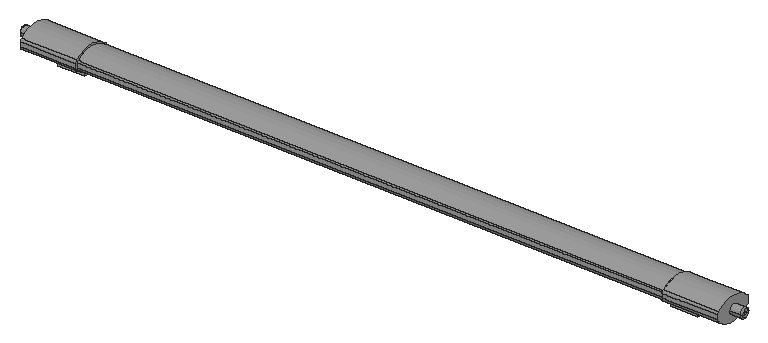
Revit family "0045156 Feilo Sylvania Lighting Fixture START BATTEN  IP65 48W 1500 3K", category Lighting Fixtures, host Face, Revit 2017
Family settings
  Host = Face
  Round Connector Dimension = Use Diameter
  Part Type = Normal
  OmniClass Number = 23.80.70.00
  OmniClass Title = Lighting
  Cut with Voids When Loaded = No
  Light Source = Yes
  Shared = No
  Room Calculation Point = No
Parameters (values of type "0045156 START BATTEN  IP65 48W 1500 3K")
  Weight = "12.186 kg"
  Wattage Comments = ""
  Wattage = 48 W
  WarrantyStartDate [instance] = "n/a"
  WarrantyGuarantorParts = "n/a"
  WarrantyDurationUnit = "n/a"
  WarrantyDurationParts = "n/a"
  WarrantyDescription = "n/a"
  built-in parameter 1150110 = 1 (stored number, unit not read)
  Voltage = 230 V
  URL = "http://www.sylvania-lighting.com"
  TypeName = "START BATTEN  IP65 48W 1500 3K"
  Type Image = <None>
  Type Comments = "n/a"
  built-in parameter 1114217 = 1 (stored number, unit not read)
  Tilt Angle = -90.00°
  built-in parameter 1150109 = 1 (stored number, unit not read)
  built-in parameter 1150134 = (empty or 0)
  built-in parameter 1150113 = 1 (stored number, unit not read)
  SerialNumber [instance] = "n/a"
  RadiusGlandOuter_FEILO = 10 mm
  RadiusGlandInner_FEILO = 5 mm
  RadiusBody_FEILO = 7 mm
  Photometric Web File = "0045156.ies"
  Material_3_FEILO = none
  PowerFactor = 0
  PowerConsumption = "48 W"
  NominalLength = 1500 mm
  NominalHeight = 53.6 mm
  NominalDepth = 80 mm
  Name = "START BATTEN  IP65 48W 1500 3K"
  ModelReference = Name  # "START BATTEN  IP65 48W 1500 3K"
  ModelNumber = "0045156"
  Model = Name  # "START BATTEN  IP65 48W 1500 3K"
  Material = "polycarbonate housing, pc diffuser"
  ManufacturerName = "Feilo Sylvania"
  Manufacturer = "Feilo Sylvania"
  LuminousEfficacy = "115 lm/W"
  built-in parameter 1150105 = 1467.3 (stored number, unit not read)
  Lumens = 5520 lm
  LuminaireType = ""
  built-in parameter 1150115 = 1 (stored number, unit not read)
  Long_FEILO = yes
  LightOutputRatio = "100"
  built-in parameter 1150137 = (empty or 0)
  built-in parameter 1150139 = (empty or 0)
  LampsType = Lamp  # "LED"
  LampNominalLuminous = "5520 lm"
  LampMacAdamStep = "n/a"
  LampColourTemperature = "3000 K"
  LampColourRenderingIndex = "80"
  built-in parameter 1150112 = 1 (stored number, unit not read)
  built-in parameter 1150114 = 1 (stored number, unit not read)
  Lamp = "LED"
  L3_FEILO = if(Long_FEILO, 1378 mm, 1078 mm)  # 1378 mm
  L2_FEILO = if(Long_FEILO, 1500 mm, 1200 mm)  # 1500 mm
  L1_FEILO = if(Long_FEILO, 1553 mm, 1253 mm)  # 1553 mm
  Keynote = "16500"
  InstallationDate [instance] = "n/a"
  InputVoltage = "220-240V~"
  InputNominalFrequency = "50/60 Hz"
  built-in parameter 1150132 = (empty or 0)
  built-in parameter 1150102 = (empty or 0)
  built-in parameter 1150107 = 3000 (stored number, unit not read)
  built-in parameter 1150138 = (empty or 0)
  IngressProtection = "IP65"
  ImpactProtectionIndex = "IK08"
  built-in parameter 1150106 = 14.673 (stored number, unit not read)
  IfcExportType = "IfcLightFixtureType"
  IfcExportAs = "IfcLightFixtureType"
  ExpectedLife = 50000
  Emit from Rectangle Width = 40 mm
  Emit from Rectangle Length = L3_FEILO - 116 mm  # 1262 mm
  Emit Shape Visible in Rendering = no
  ElectricShockClassification = "Class II"
  built-in parameter 1150104 = 10.684 (stored number, unit not read)
  DurationUnit = "hours"
  DocumentationLiterature = "http://www.sylvania-lighting.com/product/en-int/products/0045156"
  DimmingControlOptions = "n/a"
  Material_2_FEILO = Diffuser-Sylvania-StartBatten
  Dimming Lamp Color Temperature Shift = <None>
  Description = "The new upgraded Start Batten IP65 ( upgraded version of Batten LED LINK) is a versatile range of slimline LED waterproof luminaires that provide an ideal solution for interior and exterior applications such as workshops, garages and outdoor covered spaces. The  design allows the luminaire to be easily linked to another luminaire through an IP65 rated connector. The performance of the range  has been significantly improved ,  for example Start Twin Batten IP65 LED delivers  a performance of up to 6000lm (125lm/W). Available in 1200mm and 1500mm lengths (approx.) - the product can be a slimline replacement for single and twin 36W/58W fluorescent waterproof battens."
  Default Elevation = 1219.2 mm
  CreatedOn = "3/8/2018"
  CreatedBy = ""
  Cost = 0
  Color Filter = 16777215
  built-in parameter 1114216 [instance] = (empty or 0)
  ClassificationValue = "EF_70_80"
  ClassificationName = "Uniclass2015"
  Material_1_FEILO = Body-Sylvania-StartBatten
  BarCode [instance] = "n/a"
  built-in parameter 1114218 = 1 (stored number, unit not read)
  built-in parameter 1150133 = 10 (stored number, unit not read)
  AssetType = "Fixed"
  AssetIdentifier [instance] = "n/a"
  Assembly Code = "D5020200"
  Apparent Load = 48 VA
  Material_4_FEILO = none
Reference planes
  plane 1 "Center (Front/Back)": y = 0
  plane 2: z = 0
  plane 3 "Center (Left/Right)": x = 0
  plane 4: y = 40
  plane 5: y = -40
  plane 6: z = 54
  plane 7: z = 29.5
  plane 8: y = 18
  plane 9: y = -18
  plane 10: z = 37.5
  plane 11: z = 21.5
  plane 12: x = 689
  plane 13: x = -689
  plane 14: x = 750
  plane 15: x = -750
  plane 16: x = 776.5
  plane 17: x = -776.5
  plane 18: x = 631
  plane 19: x = -631
  plane 20: z = 5
  plane 21: y = 5
  plane 22: y = 10
Forms (mm)
  Extrusion 1, solid, material "Body-Sylvania-StartBatten" <- "Material_1_FEILO"
    sketch origin (631, 1524, 1219.2) x (0, 1, 0) y (0, 0, 1)
      loop
        arc (-1561.645, -1179.488) -> (-1563.384, -1181.854) -> (-1564, -1184.725) r 7
        line (-1564, -1184.725) -> (-1564, -1194.675)
        arc (-1564, -1194.675) -> (-1563.384, -1197.546) -> (-1561.645, -1199.912) r 7
        arc (-1561.645, -1199.912) -> (-1524, -1214.2) -> (-1486.355, -1199.912) r 56.735
        arc (-1486.355, -1199.912) -> (-1484.616, -1197.546) -> (-1484, -1194.675) r 7
        line (-1484, -1194.675) -> (-1484, -1184.725)
        arc (-1484, -1184.725) -> (-1484.616, -1181.854) -> (-1486.355, -1179.488) r 7
        arc (-1486.355, -1179.488) -> (-1524, -1165.2) -> (-1561.645, -1179.488) r 56.735
    from 0 to 119
  Extrusion 2, solid, material "Body-Sylvania-StartBatten" <- "Material_1_FEILO"
    sketch origin (-631, 1524, 1219.2) x (0, 1, 0) y (0, 0, 1)
      loop
        arc (-1486.355, -1179.488) -> (-1524, -1165.2) -> (-1561.645, -1179.488) r 56.735
        arc (-1561.645, -1179.488) -> (-1563.384, -1181.854) -> (-1564, -1184.725) r 7
        line (-1564, -1184.725) -> (-1564, -1194.675)
        arc (-1564, -1194.675) -> (-1563.384, -1197.546) -> (-1561.645, -1199.912) r 7
        arc (-1561.645, -1199.912) -> (-1524, -1214.2) -> (-1486.355, -1199.912) r 56.735
        arc (-1486.355, -1199.912) -> (-1484.616, -1197.546) -> (-1484, -1194.675) r 7
        line (-1484, -1194.675) -> (-1484, -1184.725)
        arc (-1484, -1184.725) -> (-1484.616, -1181.854) -> (-1486.355, -1179.488) r 7
    from -119 to 0
  Extrusion 3, solid, material "Diffuser-Sylvania-StartBatten" <- "Material_2_FEILO"
    sketch origin (0, 0, 0) x (0, 1, 0) y (0, 0, 1)
      loop
        arc (36.318, 38.216) -> (0, 52) -> (-36.318, 38.216) r 54.735
        arc (-36.318, 38.216) -> (-37.56, 36.526) -> (-38, 34.475) r 5
        line (-38, 34.475) -> (-38, 24.525)
        arc (-38, 24.525) -> (-37.56, 22.474) -> (-36.318, 20.784) r 5
        arc (-36.318, 20.784) -> (0, 7) -> (36.318, 20.784) r 54.735
        arc (36.318, 20.784) -> (37.56, 22.474) -> (38, 24.525) r 5
        line (38, 24.525) -> (38, 34.475)
        arc (38, 34.475) -> (37.56, 36.526) -> (36.318, 38.216) r 5
    from -631 to 631
  Extrusion 4, solid, material "Body-Sylvania-StartBatten" <- "Material_1_FEILO"
    sketch origin (689, 1524, 1219.2) x (0, 1, 0) y (0, 0, 1)
      loop
        line (-1506, -1219.2) -> (-1506, -1189.7) -> (-1542, -1189.7) -> (-1542, -1219.2) -> (-1506, -1219.2)
    from 0 to -58
  Extrusion 5, solid, material "Body-Sylvania-StartBatten" <- "Material_1_FEILO"
    sketch origin (-689, 1524, 1219.2) x (0, 1, 0) y (0, 0, 1)
      loop
        line (-1506, -1219.2) -> (-1506, -1189.7) -> (-1542, -1189.7) -> (-1542, -1219.2) -> (-1506, -1219.2)
    from 0 to 58
  Revolve 6, solid, material "Body-Sylvania-StartBatten" <- "Material_1_FEILO"
    sketch origin (0, 1219.2, 29.5) x (1, 0, 0) y (0, 1, 0)
      loop
        line (-750, -1219.2) -> (-750, -1209.2) -> (-774, -1209.2)
        arc (-774, -1209.2) -> (-775.768, -1209.932) -> (-776.5, -1211.7) r 2.5
        line (-776.5, -1211.7) -> (-776.5, -1214.2) -> (-766.5, -1214.2) -> (-766.5, -1219.2) -> (-750, -1219.2)
      loop
        line (750, -1219.2) -> (766.5, -1219.2) -> (766.5, -1214.2) -> (776.5, -1214.2) -> (776.5, -1211.7)
        arc (776.5, -1211.7) -> (775.768, -1209.932) -> (774, -1209.2) r 2.5
        line (774, -1209.2) -> (750, -1209.2) -> (750, -1219.2)
      axis (776.5, -1219.2) -> (-776.5, -1219.2)
    angle from 360 to 0
Cuts and joins
  joined: Extrusion 1, Extrusion 4
  joined: Extrusion 2, Extrusion 5
Lines and regions (mm)
  reference lines
    curve 1: circle (0, 0, 29.5) r 5 normal (1, 0, 0)
    curve 2: circle (0, 0, 29.5) r 10 normal (1, 0, 0)
    curve 3: arc (0, -40, 37.5) -> (0, 0, 54) -> (0, 40, 37.5) r 56.735
    curve 4: arc (0, -40, 21.5) -> (0, 0, 5) -> (0, 40, 21.5) r 56.735
Dimensions and locks
  equal spacing: plane 5, plane 1 "Center (Front/Back)", plane 4
  locked: plane 5 to plane 4 at 80
  locked: plane 6 to plane 2 at 54
  locked: plane 7 to plane 2 at 29.5
  equal spacing: plane 9, plane 1 "Center (Front/Back)", plane 8
  plane 9 to plane 1 "Center (Front/Back)" = 18 mm
  locked: plane 11 to plane 7 at 8
  locked: plane 7 to plane 10 at 8
  equal spacing: plane 13, plane 3 "Center (Left/Right)", plane 12
  "L3_FEILO": plane 13 to plane 12
  equal spacing: plane 15, plane 3 "Center (Left/Right)", plane 14
  "L2_FEILO": plane 15 to plane 14
  equal spacing: plane 17, plane 3 "Center (Left/Right)", plane 16
  "L1_FEILO": plane 17 to plane 16
  equal spacing: plane 19, plane 3 "Center (Left/Right)", plane 18
  locked: plane 13 to plane 19 at 58
  locked: plane 20 to plane 2 at 5
  locked: Extrusion 3 sketch curve to plane 6 at 2
  locked: plane 20 to Extrusion 3 sketch curve at 2
  locked: plane 5 to Extrusion 3 sketch curve at 2
  locked: Extrusion 3 sketch curve to plane 4 at 2
  "RadiusGlandInner_FEILO": plane 1 "Center (Front/Back)" to plane 21
  "RadiusGlandOuter_FEILO": plane 1 "Center (Front/Back)" to plane 22
  locked: plane 17 to Revolve 6 sketch curve at 10
  locked: Revolve 6 sketch curve to plane 16 at 10
  "RadiusGlandInner_FEILO": radius of curve 1
  "RadiusGlandOuter_FEILO": radius of curve 2
  "RadiusBody_FEILO": radius of Extrusion 1 sketch curve  (x4)
  aligned and locked: plane 2 to host face
  aligned and locked: level to host face
  aligned and locked: plane 5 to curve 3
  aligned and locked: plane 10 to curve 3  (x2)
  aligned and locked: plane 4 to curve 3
  aligned and locked: plane 4 to curve 4
  aligned and locked: plane 11 to curve 4  (x2)
  aligned and locked: plane 5 to curve 4
  aligned and locked: Extrusion 1 sketch curve to curve 3
  aligned and locked: Extrusion 1 sketch curve to curve 4
  aligned and locked: Extrusion 1 sketch curve to plane 4
  aligned and locked: Extrusion 1 sketch curve to plane 5
  aligned and locked: plane 14 to Extrusion 1
  aligned and locked: Extrusion 1 to plane 18
  aligned and locked: Extrusion 2 sketch curve to Extrusion 1  (x6)
  aligned and locked: Extrusion 2 to plane 15
  aligned and locked: plane 19 to Extrusion 2
  aligned and locked: Extrusion 3 to plane 19
  aligned and locked: plane 18 to Extrusion 3
  aligned and locked: level to Extrusion 4 sketch curve
  aligned and locked: plane 8 to Extrusion 4 sketch curve
  aligned and locked: plane 7 to Extrusion 4 sketch curve
  aligned and locked: Extrusion 4 sketch curve to plane 9
  aligned and locked: Extrusion 4 to plane 12
  aligned and locked: Extrusion 4 to plane 18
  aligned and locked: Extrusion 5 sketch curve to cut or joined group of Extrusion 1, Extrusion 4  (x2)
  aligned and locked: plane 7 to Extrusion 5 sketch curve
  aligned and locked: Extrusion 5 sketch curve to plane 9
  aligned and locked: plane 19 to Extrusion 5
  aligned and locked: Extrusion 5 to plane 13
  aligned and locked: plane 1 "Center (Front/Back)" to Revolve 6 sketch curve  (x4)
  aligned and locked: cut or joined group of Extrusion 2, Extrusion 5 to Revolve 6 sketch curve
  aligned and locked: plane 22 to Revolve 6 sketch curve
  aligned and locked: plane 17 to Revolve 6 sketch curve
  aligned and locked: Revolve 6 sketch curve to plane 21
  aligned and locked: Revolve 6 sketch curve to cut or joined group of Extrusion 1, Extrusion 4
  aligned and locked: Revolve 6 sketch curve to plane 22
  aligned and locked: plane 16 to Revolve 6 sketch curve
  aligned and locked: imposter light to plane 1 "Center (Front/Back)"
  aligned and locked: imposter light to plane 6
Automatic sketch dimensions
  host sketch curve to host sketch curve = 2438.4 mm  (x2)
  curve 1 to curve 2 = 0 mm  (x2)
  curve 2 to plane 1 "Center (Front/Back)" = 0 mm
  plane 7 to curve 2 = 0 mm
  curve 3 to level = 2.735 mm
  curve 4 to plane 6 = 7.735 mm
  Extrusion 1 sketch curve to plane 11 = 3.025 mm  (x2)
  Extrusion 1 sketch curve to plane 7 = 4.975 mm  (x2)
  Extrusion 3 sketch curve to plane 1 "Center (Front/Back)" = 0 mm  (x2)
  Extrusion 3 sketch curve to Extrusion 3 sketch curve = 5 mm  (x4)
  Extrusion 3 sketch curve to level = 2.735 mm
  Extrusion 3 sketch curve to plane 11 = 3.025 mm  (x2)
  plane 10 to Extrusion 3 sketch curve = 3.025 mm  (x2)
  Extrusion 3 sketch curve to plane 6 = 7.735 mm
  plane 21 to Revolve 6 sketch curve = 0 mm
  plane 17 to Revolve 6 sketch curve = 2.5 mm
  Revolve 6 sketch curve to plane 16 = 2.5 mm
  Revolve 6 sketch curve to plane 17 = 747.5 mm
  plane 16 to Revolve 6 sketch curve = 747.5 mm
Connectors
  electrical at (0, 0, 0), driven by "Apparent Load", driven by "PowerFactor", driven by "Voltage"
    settings: index 1, voltage 230 V, apparent load 48 VA, apparent load phase1 0 VA, apparent load phase2 0 VA, apparent load phase3 0 VA, power factor 0, load classification "Lighting", number of poles 1, system type 30, power factor state 1, is connector primary yes, connector utility no, sub classification motor no, connector description ""
